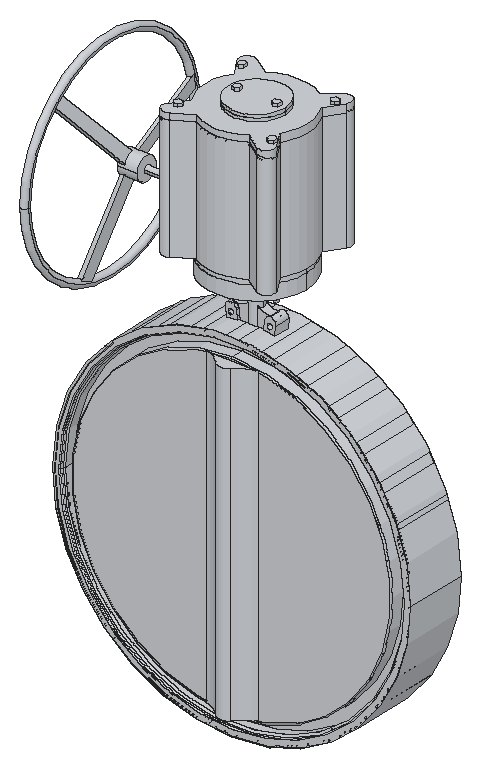
Revit family "R59WX045", category Plumbing Fixtures, Revit 2015
Reference planes
  plane 1 "Center (Front/Back)": y = 0
  plane 2: z = 0
  plane 3 "Center (Left/Right)": x = 0
  plane 4: z = 422
  plane 5: z = 682
  plane 6: z = 187
  plane 7: z = -340
  plane 8: z = -30
  plane 9: z = 487.647
  plane 10: z = -30
  plane 11: y = -17.262
  plane 12: y = 17.262
  plane 13: x = -87.5
  plane 14: x = 87.5
  plane 15: z = 674
  plane 16: x = 226
  plane 17: y = -55.287
  plane 18: y = 53.713
  plane 19: z = 396
  plane 20: x = -266
  plane 21: z = 294
Forms (mm)
  Extrusion 1, solid
    sketch origin (0, 0, 404.391) x (1, 0, 0) y (0, 1, 0)
      loop
        circle (0, 0) r 87.5
    from -8.391 to 17.609
  Extrusion 2, solid
    sketch origin (0, 0, -76.95) x (1, 0, 0) y (0, 1, 0)
      loop
        circle (0, 0) r 12
    from 383.948 to 472.95
  Revolve 3, solid
    sketch origin (0, 0, 0) x (0, 1, 0) y (0, 0, 1)
      loop
        line (-30.5, -310.688) -> (30.5, -310.688) -> (30.5, -281.679) -> (51.986, -281.679)
        arc (51.986, -281.679) -> (53.207, -281.173) -> (53.713, -279.951) r 1.728
        line (53.713, -279.951) -> (53.713, 0) -> (-55.287, 0) -> (-55.287, -279.951)
        arc (-55.287, -279.951) -> (-54.781, -281.173) -> (-53.559, -281.679) r 1.728
        line (-53.559, -281.679) -> (-30.5, -281.679) -> (-30.5, -310.688)
      axis (53.713, 0) -> (-55.287, 0)
    angle from 0 to 360
  Extrusion 4, solid
    sketch origin (-27.69, 17.573, 252.186) x (0.933413, 0, -0.358805) y (0.358805, 0, 0.933413)
      loop
        line (-18.251, 60.114) -> (-25.459, 74.264)
        arc (-25.459, 74.264) -> (-38.908, 78.635) -> (-43.28, 65.186) r 10
        line (-43.28, 65.186) -> (-36.072, 51.036) -> (-18.251, 60.114)
      loop
        circle (-32.1, 65.269) r 5
    from -10.991 to 16.009
  Extrusion 5, solid
    sketch origin (18.896, -132.284, 431.391) x (-0.707107, -0.707107, 0) y (0.707107, -0.707107, 0)
      loop
        line (6.619, -122.207) -> (1.336, -117.615) -> (-5.283, -119.894) -> (-6.619, -126.765) -> (-1.336, -131.358) -> (5.283, -129.079) -> (6.619, -122.207)
    from 0 to 3.746
  Extrusion 6, solid
    sketch origin (18.896, -132.284, 410.391) x (-0.707107, -0.707107, 0) y (0.707107, -0.707107, 0)
      loop
        circle (0, -124.486) r 3
    from -20.186 to 21
  Extrusion 7, solid
    sketch origin (18.896, -132.284, 396) x (-0.707107, -0.707107, 0) y (0.707107, -0.707107, 0)
      loop
        line (3.99, -123.113) -> (0.805, -120.344) -> (-3.184, -121.718) -> (-3.99, -125.86) -> (-0.805, -128.628) -> (3.184, -127.254) -> (3.99, -123.113)
      loop
        line (-3.444, -125.672) -> (-0.695, -128.061) -> (2.749, -126.876) -> (3.444, -123.301) -> (0.695, -120.911) -> (-2.749, -122.097) -> (-3.444, -125.672)
    from -1.968 to 1
  Extrusion 8, solid
    sketch origin (49.205, -126.837, 545.966) x (-0.707107, -0.707107, 0) y (0.707107, -0.707107, 0)
      loop
        line (-76.155, -211.941) -> (-68.675, -247.132)
        arc (-68.675, -247.132) -> (-54.895, -258.291) -> (-41.114, -247.132) r 14.088
        line (-41.114, -247.132) -> (-33.634, -211.941)
        arc (-33.634, -211.941) -> (8.743, -188.129) -> (32.557, -145.753) r 90
        line (32.557, -145.753) -> (67.77, -138.268)
        arc (67.77, -138.268) -> (78.929, -124.488) -> (67.77, -110.708) r 14.088
        line (67.77, -110.708) -> (32.56, -103.223)
        arc (32.56, -103.223) -> (8.748, -60.841) -> (-33.632, -37.025) r 90
        line (-33.632, -37.025) -> (-41.114, -1.823)
        arc (-41.114, -1.823) -> (-54.895, 9.336) -> (-68.675, -1.823) r 14.088
        line (-68.675, -1.823) -> (-76.158, -37.025)
        arc (-76.158, -37.025) -> (-118.534, -60.838) -> (-142.347, -103.215) r 90
        line (-142.347, -103.215) -> (-177.549, -110.697)
        arc (-177.549, -110.697) -> (-188.708, -124.477) -> (-177.549, -138.258) r 14.088
        line (-177.549, -138.258) -> (-142.35, -145.74)
        arc (-142.35, -145.74) -> (-118.538, -188.124) -> (-76.155, -211.941) r 90
    from -114.575 to 101.703
  Sweep 9, solid
    path origin (0, 0, 0) x (1, 0, 0) y (0, 0, 1)
      loop
        circle (0, 0) r 316
    profile origin (0, 0, -316) x (0, 0, 1) y (0, -1, 0)
      loop
        line (10.888, -53.713) -> (12.517, -51.371) -> (13.454, -47.874) -> (16.683, -44.645) -> (16.683, 46.218) -> (13.454, 49.447) -> (12.517, 52.945) -> (10.888, 55.287) -> (0.625, 55.287) -> (0.625, -53.713) -> (10.888, -53.713)
  Extrusion 10, solid
    sketch origin (0, 0, 254.34) x (1, 0, 0) y (0, 0, 1)
      loop
        line (-23.079, 59.697) -> (24.29, 59.697) -> (32.994, 84.977)
        arc (32.994, 84.977) -> (13.351, 88.098) -> (0.632, 103.389) r 28.254
        arc (0.632, 103.389) -> (-13.43, 87.381) -> (-34.674, 85.747) r 28.254
        line (-34.674, 85.747) -> (-23.079, 59.697)
    from -7.881 to 9.454
  Sweep 11, solid
    path origin (-0.002, 0, 0) x (1, 0, 0) y (0, 0, 1)
      loop
        circle (0, 0) r 316
    profile origin (-0.002, 0, -316) x (0, 0, 1) y (0, -1, 0)
      loop
        line (0, 55.287) -> (0, -53.713) -> (3.927, -53.713) -> (3.927, 55.287) -> (0, 55.287)
  Extrusion 12, solid
    sketch origin (-22.84, 17.573, -252.671) x (-0.843784, 0, 0.536683) y (-0.536683, 0, -0.843784)
      loop
        line (-18.251, 60.114) -> (-25.459, 74.264)
        arc (-25.459, 74.264) -> (-38.908, 78.635) -> (-43.28, 65.186) r 10
        line (-43.28, 65.186) -> (-36.072, 51.036) -> (-18.251, 60.114)
      loop
        circle (-32.1, 65.269) r 5
    from -10.991 to 16.009
  Extrusion 13, solid
    sketch origin (0, 0, -252.777) x (1, 0, 0) y (0, 0, 1)
      loop
        line (-19.291, -59.525) -> (-30.838, -85.466)
        arc (-30.838, -85.466) -> (-21.534, -88.175) -> (-12.729, -92.221) r 65.798
        line (-12.729, -92.221) -> (12.729, -92.221)
        arc (12.729, -92.221) -> (21.352, -88.243) -> (30.457, -85.549) r 65.798
        line (30.457, -85.549) -> (18.874, -59.525) -> (-19.291, -59.525)
    from -7.881 to 9.454
  Extrusion 14, solid
    sketch origin (157.284, 43.896, 431.391) x (0.707107, -0.707107, 0) y (0.707107, 0.707107, 0)
      loop
        line (6.619, -122.207) -> (1.336, -117.615) -> (-5.283, -119.894) -> (-6.619, -126.765) -> (-1.336, -131.358) -> (5.283, -129.079) -> (6.619, -122.207)
    from 0 to 3.746
  Extrusion 15, solid
    sketch origin (157.284, 43.896, 410.391) x (0.707107, -0.707107, 0) y (0.707107, 0.707107, 0)
      loop
        circle (0, -124.486) r 3
    from -20.186 to 21
  Extrusion 16, solid
    sketch origin (157.284, 43.896, 396) x (0.707107, -0.707107, 0) y (0.707107, 0.707107, 0)
      loop
        line (3.99, -123.113) -> (0.805, -120.344) -> (-3.184, -121.718) -> (-3.99, -125.86) -> (-0.805, -128.628) -> (3.184, -127.254) -> (3.99, -123.113)
      loop
        line (-3.444, -125.672) -> (-0.695, -128.061) -> (2.749, -126.876) -> (3.444, -123.301) -> (0.695, -120.911) -> (-2.749, -122.097) -> (-3.444, -125.672)
    from -1.968 to 1
  Extrusion 17, solid
    sketch origin (-18.896, 132.284, 431.391) x (0.707107, 0.707107, 0) y (-0.707107, 0.707107, 0)
      loop
        line (6.619, -122.207) -> (1.336, -117.615) -> (-5.283, -119.894) -> (-6.619, -126.765) -> (-1.336, -131.358) -> (5.283, -129.079) -> (6.619, -122.207)
    from 0 to 3.746
  Extrusion 18, solid
    sketch origin (-18.896, 132.284, 410.391) x (0.707107, 0.707107, 0) y (-0.707107, 0.707107, 0)
      loop
        circle (0, -124.486) r 3
    from -20.186 to 21
  Extrusion 19, solid
    sketch origin (-18.896, 132.284, 396) x (0.707107, 0.707107, 0) y (-0.707107, 0.707107, 0)
      loop
        line (3.99, -123.113) -> (0.805, -120.344) -> (-3.184, -121.718) -> (-3.99, -125.86) -> (-0.805, -128.628) -> (3.184, -127.254) -> (3.99, -123.113)
      loop
        line (-3.444, -125.672) -> (-0.695, -128.061) -> (2.749, -126.876) -> (3.444, -123.301) -> (0.695, -120.911) -> (-2.749, -122.097) -> (-3.444, -125.672)
    from -1.968 to 1
  Extrusion 20, solid
    sketch origin (-157.284, -43.896, 431.391) x (-0.707107, 0.707107, 0) y (-0.707107, -0.707107, 0)
      loop
        line (6.619, -122.207) -> (1.336, -117.615) -> (-5.283, -119.894) -> (-6.619, -126.765) -> (-1.336, -131.358) -> (5.283, -129.079) -> (6.619, -122.207)
    from 0 to 3.746
  Extrusion 21, solid
    sketch origin (-157.284, -43.896, 410.391) x (-0.707107, 0.707107, 0) y (-0.707107, -0.707107, 0)
      loop
        circle (0, -124.486) r 3
    from -20.186 to 21
  Extrusion 22, solid
    sketch origin (-157.284, -43.896, 396) x (-0.707107, 0.707107, 0) y (-0.707107, -0.707107, 0)
      loop
        line (3.99, -123.113) -> (0.805, -120.344) -> (-3.184, -121.718) -> (-3.99, -125.86) -> (-0.805, -128.628) -> (3.184, -127.254) -> (3.99, -123.113)
      loop
        line (-3.444, -125.672) -> (-0.695, -128.061) -> (2.749, -126.876) -> (3.444, -123.301) -> (0.695, -120.911) -> (-2.749, -122.097) -> (-3.444, -125.672)
    from -1.968 to 1
  Extrusion 23, solid
    sketch origin (-5.763, 157.917, 658.616) x (0.707107, 0.707107, 0) y (-0.707107, 0.707107, 0)
      loop
        line (6.619, -122.207) -> (1.336, -117.615) -> (-5.283, -119.894) -> (-6.619, -126.765) -> (-1.336, -131.358) -> (5.283, -129.079) -> (6.619, -122.207)
    from 0 to 4.617
  Extrusion 24, solid
    sketch origin (-5.763, 157.917, 544.045) x (0.707107, 0.707107, 0) y (-0.707107, 0.707107, 0)
      loop
        circle (0, -124.486) r 3
    from 66.681 to 114.571
  Extrusion 25, solid
    sketch origin (170.417, 18.263, 658.616) x (0.707107, -0.707107, 0) y (0.707107, 0.707107, 0)
      loop
        line (6.619, -122.207) -> (1.336, -117.615) -> (-5.283, -119.894) -> (-6.619, -126.765) -> (-1.336, -131.358) -> (5.283, -129.079) -> (6.619, -122.207)
    from 0 to 4.617
  Extrusion 26, solid
    sketch origin (170.417, 18.263, 544.045) x (0.707107, -0.707107, 0) y (0.707107, 0.707107, 0)
      loop
        circle (0, -124.486) r 3
    from 66.681 to 114.571
  Extrusion 27, solid
    sketch origin (5.763, -157.917, 658.616) x (-0.707107, -0.707107, 0) y (0.707107, -0.707107, 0)
      loop
        line (6.619, -122.207) -> (1.336, -117.615) -> (-5.283, -119.894) -> (-6.619, -126.765) -> (-1.336, -131.358) -> (5.283, -129.079) -> (6.619, -122.207)
    from 0 to 4.617
  Extrusion 28, solid
    sketch origin (5.763, -157.917, 544.045) x (-0.707107, -0.707107, 0) y (0.707107, -0.707107, 0)
      loop
        circle (0, -124.486) r 3
    from 66.681 to 114.571
  Extrusion 29, solid
    sketch origin (-170.417, -18.263, 658.616) x (-0.707107, 0.707107, 0) y (-0.707107, -0.707107, 0)
      loop
        line (6.619, -122.207) -> (1.336, -117.615) -> (-5.283, -119.894) -> (-6.619, -126.765) -> (-1.336, -131.358) -> (5.283, -129.079) -> (6.619, -122.207)
    from 0 to 4.617
  Extrusion 30, solid
    sketch origin (-170.417, -18.263, 544.045) x (-0.707107, 0.707107, 0) y (-0.707107, -0.707107, 0)
      loop
        circle (0, -124.486) r 3
    from 66.681 to 114.571
  Extrusion 31, solid
    sketch origin (4.994, 0, 89.647) x (0, 1, 0) y (0, 0, -1)
      loop
        circle (0, -398) r 6
    from 74.348 to 199.367
  Sweep 32, solid
    path origin (-258.995, 0, 78.875) x (0, 1, 0) y (0, 0, -1)
      loop
        circle (0, -408.772) r 187
    profile origin (-258.995, 0, 674.647) x (0, 0, 1) y (-1, 0, 0)
      loop
        circle (0, 0) r 7
  Extrusion 33, solid
    sketch origin (-27.995, 0, 89.647) x (0, 1, 0) y (0, 0, -1)
      loop
        circle (0, -398) r 20
    from 166.378 to 201.654
  Extrusion 34, solid
    sketch origin (-16.226, -165.594, 330.415) x (0.996525, 0.083294, -0.000135) y (-0.05437, 0.64925, -0.758629)
      loop
        line (-182.932, 4.168) -> (-189.521, 6.043) -> (-239.457, -181.426) -> (-232.868, -183.3) -> (-182.932, 4.168)
    from 230.215 to 251.867
  Extrusion 35, solid
    sketch origin (-122.734, -88.025, 669.383) x (-0.707107, 0.707107, 0) y (-0.707107, -0.707107, 0)
      loop
        line (6.619, -122.207) -> (1.336, -117.615) -> (-5.283, -119.894) -> (-6.619, -126.765) -> (-1.336, -131.358) -> (5.283, -129.079) -> (6.619, -122.207)
    from 0 to 4.617
  Extrusion 36, solid
    sketch origin (-122.734, -88.025, 554.811) x (-0.707107, 0.707107, 0) y (-0.707107, -0.707107, 0)
      loop
        circle (0, -124.486) r 3
    from 66.681 to 114.571
  Extrusion 37, solid
    sketch origin (122.679, -51.499, 669.383) x (0.707107, -0.707107, 0) y (0.707107, 0.707107, 0)
      loop
        line (-96.38, -19.209) -> (-103.251, -20.545) -> (-105.53, -27.163) -> (-100.938, -32.446) -> (-94.066, -31.111) -> (-91.787, -24.492) -> (-96.38, -19.209)
    from 0 to 4.617
  Extrusion 38, solid
    sketch origin (-122.734, -88.025, 554.811) x (-0.707107, 0.707107, 0) y (-0.707107, -0.707107, 0)
      loop
        circle (-49.047, -173.533) r 3
    from 66.681 to 114.571
  Extrusion 39, solid
    sketch origin (0, 27.3, 0) x (1, 0, 0) y (0, 1, 0)
      loop
        line (-45.752, 26.413) -> (45.661, 26.413)
        arc (45.661, 26.413) -> (27.976, 32.661) -> (13.756, 44.892) r 50.889
        arc (13.756, 44.892) -> (-0.248, 51.523) -> (-14.1, 44.579) r 17.686
        arc (-14.1, 44.579) -> (-28.242, 32.561) -> (-45.752, 26.413) r 50.889
    from -277.611 to 277.127
  Extrusion 40, solid
    sketch origin (0, 0, 657.256) x (1, 0, 0) y (0, 1, 0)
      loop
        circle (0, 0) r 50
    from 1.36 to 6.196
  Extrusion 41, solid
    sketch origin (0, 0, 664.383) x (1, 0, 0) y (0, 1, 0)
      loop
        circle (0, 0) r 50
    from 0.001 to 5
  Extrusion 42, solid
    sketch origin (0, 0, 659.888) x (1, 0, 0) y (0, 1, 0)
      loop
        circle (0, 0) r 43.203
    from 3.565 to 4.496
  Extrusion 43, solid
    sketch origin (-16.226, 220.055, 424.745) x (0.996525, -0.04153, 0.072203) y (-0.05437, 0.332367, 0.941582)
      loop
        line (-182.932, 4.168) -> (-189.521, 6.043) -> (-239.457, -181.426) -> (-232.868, -183.3) -> (-182.932, 4.168)
    from 230.215 to 251.867
  Extrusion 44, solid
    sketch origin (-16.226, -54.461, 711.561) x (0.996525, -0.041764, -0.072067) y (-0.05437, -0.981617, -0.182952)
      loop
        line (-182.932, 4.168) -> (-189.521, 6.043) -> (-239.457, -181.426) -> (-232.868, -183.3) -> (-182.932, 4.168)
    from 230.215 to 251.867
  Extrusion 45, solid
    sketch origin (0, 0, 429.391) x (1, 0, 0) y (0, 1, 0)
      loop
        circle (0, 0) r 87.5
    from -7.391 to 2
  Extrusion 46, solid
    sketch origin (49.205, -126.837, 762.245) x (-0.707107, -0.707107, 0) y (0.707107, -0.707107, 0)
      loop
        line (-76.155, -211.941) -> (-68.675, -247.132)
        arc (-68.675, -247.132) -> (-54.895, -258.291) -> (-41.114, -247.132) r 14.088
        line (-41.114, -247.132) -> (-33.634, -211.941)
        arc (-33.634, -211.941) -> (8.743, -188.129) -> (32.557, -145.753) r 90
        line (32.557, -145.753) -> (67.77, -138.268)
        arc (67.77, -138.268) -> (78.929, -124.488) -> (67.77, -110.708) r 14.088
        line (67.77, -110.708) -> (32.56, -103.223)
        arc (32.56, -103.223) -> (8.748, -60.841) -> (-33.632, -37.025) r 90
        line (-33.632, -37.025) -> (-41.114, -1.823)
        arc (-41.114, -1.823) -> (-54.895, 9.336) -> (-68.675, -1.823) r 14.088
        line (-68.675, -1.823) -> (-76.158, -37.025)
        arc (-76.158, -37.025) -> (-118.534, -60.838) -> (-142.347, -103.215) r 90
        line (-142.347, -103.215) -> (-177.549, -110.697)
        arc (-177.549, -110.697) -> (-188.708, -124.477) -> (-177.549, -138.258) r 14.088
        line (-177.549, -138.258) -> (-142.35, -145.74)
        arc (-142.35, -145.74) -> (-118.538, -188.124) -> (-76.155, -211.941) r 90
    from -103.629 to -117.861
  Extrusion 47, solid
    sketch origin (27.69, -12.555, 252.186) x (-0.933413, 0, -0.358805) y (-0.358805, 0, 0.933413)
      loop
        line (-18.251, 60.114) -> (-25.459, 74.264)
        arc (-25.459, 74.264) -> (-38.908, 78.635) -> (-43.28, 65.186) r 10
        line (-43.28, 65.186) -> (-36.072, 51.036) -> (-18.251, 60.114)
      loop
        circle (-32.1, 65.269) r 5
    from -10.991 to 16.009
  Extrusion 48, solid
    sketch origin (22.84, -12.555, -252.671) x (0.843784, 0, 0.536683) y (0.536683, 0, -0.843784)
      loop
        line (-18.251, 60.114) -> (-25.459, 74.264)
        arc (-25.459, 74.264) -> (-38.908, 78.635) -> (-43.28, 65.186) r 10
        line (-43.28, 65.186) -> (-36.072, 51.036) -> (-18.251, 60.114)
      loop
        circle (-32.1, 65.269) r 5
    from -10.991 to 16.009
  Extrusion 49, solid
    sketch origin (0, -28.874, 0) x (1, 0, 0) y (0, 1, 0)
      loop
        arc (-45.752, -26.413) -> (-28.242, -32.561) -> (-14.1, -44.579) r 50.889
        arc (-14.1, -44.579) -> (-0.248, -51.523) -> (13.756, -44.892) r 17.686
        arc (13.756, -44.892) -> (27.976, -32.661) -> (45.661, -26.413) r 50.889
        line (45.661, -26.413) -> (-45.752, -26.413)
    from -277.611 to 277.127
Dimensions and locks
  locked: plane 2 to plane 4 at 422
  locked: level to plane 5 at 682
  locked: plane 7 to level at 340
  plane 18 to plane 17 = 109 mm
  locked: plane 19 to plane 4 at 26
  plane 16 to plane 3 "Center (Left/Right)" = 226 mm
  locked: plane 13 to plane 14 at 175
  locked: plane 4 to plane 15 at 252
  locked: plane 3 "Center (Left/Right)" to plane 20 at 266
  locked: plane 21 to plane 5 at 388
  aligned and locked: level to plane 2
